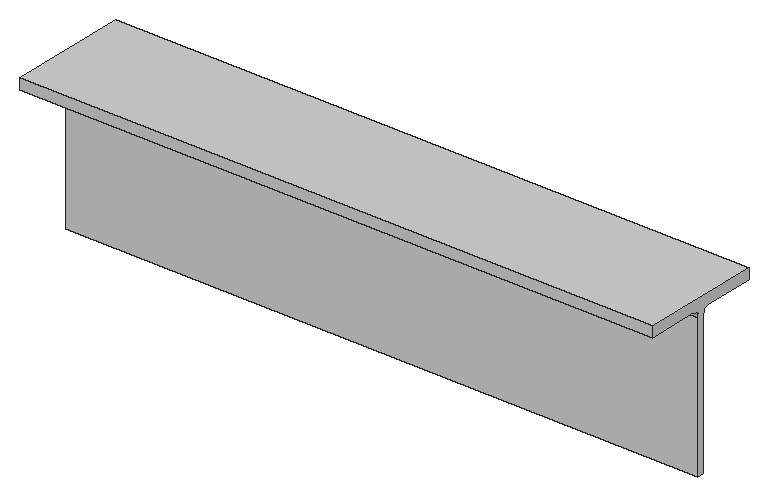
Revit family "efe341eb5f9d4143b5758e7b23ec5791", category Structural Framing, Revit 2021
Family settings
  Structural Framing Length Roundoff = 0' - 0"
  Section Shape = I-split Parallel Flange
  Material for Model Behavior = Steel
  Always export as geometry = No
  Family Name Key = WT Shapes
  Code Name = AISC 14.1
  OmniClass Number = 23.25.30.11.14.14
  OmniClass Title = Beams
  Seek Item ID = WT-Structural Tee-0000-USA-ENU
  Always vertical = Yes
  Cut with Voids When Loaded = No
  Symbolic Representation = From Project Settings
  Shared = No
  Show family pre-cut in plan views = Yes
Parameters (values of type "WT12X42")
  Width = 0' - 9.02047"
  Web Thickness = 0' - 0.47"
  Web Fillet = 0.500"
  Warping Constant = 6.90000 in⁶
  Torsional Moment of Inertia = 1.8400 in⁴
  Structural Material [instance] = Steel ASTM A992
  Section Name Key = ""
  Section Area = 12.40 in²
  Plastic Modulus weak axis = 16.300 in³
  Plastic Modulus strong axis = 32.500 in³
  Nominal Weight = 42.00 lbf/ft
  Moment of Inertia weak axis = 47.2000 in⁴
  Moment of Inertia strong axis = 166.0000 in⁴
  Height = 1' - 0.1"
  Flange Thickness = 0.770"
  Elastic Modulus weak axis = 10.500 in³
  Elastic Modulus strong axis = 18.300 in³
  Centroid Vertical = 0' - 9.13"
  Centroid Horizontal = Width / 2  # 4.51023"
  Bolt Spacing = 0' - 5 1/2"
  Assembly Code = "B10"
  Length [instance] = 5' - 0"
Types (2): name | Width | Web Thickness | Web Fillet | Warping Constant | Torsional Moment of Inertia | Section Area | Plastic Modulus weak axis | Plastic Modulus strong axis | Nominal Weight | Moment of Inertia weak axis | Moment of Inertia strong axis | Height | Flange Thickness | Elastic Modulus weak axis | Elastic Modulus strong axis | Centroid Vertical | Centroid Horizontal
  WT12X42 | 0' - 9.02047" | 0' - 0.47" | 0.500" | 6.90000 in⁶ | 1.8400 in⁴ | 12.40 in² | 16.300 in³ | 32.500 in³ | 42.00 lbf/ft | 47.2000 in⁴ | 166.0000 in⁴ | 1' - 0.1" | 0.770" | 10.500 in³ | 18.300 in³ | 0' - 9.13" | 4.51023"
  WT18X80 | 1' - 0" | 0' - 0.65" | 0.750" | 53.60000 in⁶ | 6.1700 in⁴ | 23.50 in² | 38.600 in³ | 100.000 in³ | 80.00 lbf/ft | 147.0000 in⁴ | 740.0000 in⁴ | 1' - 6" | 1.020" | 24.600 in³ | 55.800 in³ | 1' - 1.26" | 6.000"
Reference planes (in)
  plane 1 "Center (Front/Back)": y = 0
  plane 2: z = 0
  plane 3 "Center (Left/Right)": x = 0.1815
  plane 4 "Member Left": x = -23.8185
  plane 5 "Member Right": x = 24.1815
  plane 6: y = 4.51023
  plane 7: y = -4.51023
  plane 8 "Left": x = -29.8185
  plane 9 "Right": x = 30.1815
  plane 10: z = 2.97
  plane 11: z = -9.13
Forms (in)
  Sweep 1, solid, material "Steel ASTM A992" <- "Structural Material", detail levels fine
    path origin (0, 0, 0) x (1, 0, 0) y (0, 1, 0)
      loop
        line (24.1815, 0) -> (-23.8185, 0)
    profile "Structural Tee-Profile-Fine : Structural Tee-Profile-Fine" origin (0.1815, 0, 0) x (0, -1, 0) y (0, 0, 1)
      loop
        line (-4.51023, 2.97) -> (-4.51023, 2.2) -> (-0.735, 2.2)
        arc (-0.735, 2.2) -> (-0.38145, 2.05355) -> (-0.235, 1.7) r 0.5
        line (-0.235, 1.7) -> (-0.235, -9.13) -> (0.235, -9.13) -> (0.235, 1.7)
        arc (0.235, 1.7) -> (0.38145, 2.05355) -> (0.735, 2.2) r 0.5
        line (0.735, 2.2) -> (4.51023, 2.2) -> (4.51023, 2.97) -> (-4.51023, 2.97)
  Sweep 2, solid, material "Steel ASTM A992" <- "Structural Material", detail levels medium
    path origin (0, 0, 0) x (1, 0, 0) y (0, 1, 0)
      loop
        line (24.1815, 0) -> (-23.8185, 0)
    profile "Structural Tee-Profile-Medium : Structural Tee-Profile-Medium" origin (0.1815, 0, 0) x (0, -1, 0) y (0, 0, 1)
      loop
        line (-4.51023, 2.97) -> (-4.51023, 2.2) -> (-0.235, 2.2) -> (-0.235, -9.13) -> (0.235, -9.13) -> (0.235, 2.2) -> (4.51023, 2.2) -> (4.51023, 2.97) -> (-4.51023, 2.97)
Lines and regions (in)
  symbolic lines, style "Hidden Faces", detail levels medium+fine
    curve 1: line (24.1815, -0.235, 0) -> (-23.8185, -0.235, 0)
    curve 2: line (24.1815, 0.235, 0) -> (-23.8185, 0.235, 0)
  symbolic lines, style "Stick Symbols", detail levels coarse
    curve 3: line (0.1815, 0, 2.97) -> (0.1815, 0, -9.13)
    curve 4: line (0.1815, 4.51023, 2.97) -> (0.1815, -4.51023, 2.97)
Dimensions and locks (in)
  "Width": plane 6 to plane 7
  equal spacing: plane 6, plane 1 "Center (Front/Back)", plane 7
  "Length": plane 8 "Left" to plane 9 "Right"
  equal spacing: curve 2, plane 1 "Center (Front/Back)", curve 1
  "Web Thickness": curve 2 to curve 1
  "Height": plane 10 to plane 11
  "Centroid Vertical": level to plane 11
  aligned and locked: Sweep 1 sketch curve to plane 1 "Center (Front/Back)"
  aligned and locked: Sweep 2 sketch curve to plane 1 "Center (Front/Back)"
  aligned and locked: Sweep 2 to curve 3
  aligned and locked: plane 4 "Member Left" to Sweep 2 sketch curve
  aligned and locked: plane 5 "Member Right" to Sweep 2 sketch curve
  aligned and locked: plane 4 "Member Left" to Sweep 1 sketch curve
  aligned and locked: plane 5 "Member Right" to Sweep 1 sketch curve
  aligned and locked: plane 4 "Member Left" to curve 2
  aligned and locked: plane 4 "Member Left" to curve 1
  aligned and locked: plane 5 "Member Right" to curve 2
  aligned and locked: plane 5 "Member Right" to curve 1
  aligned and locked: plane 10 to curve 3
  aligned and locked: curve 3 to plane 1 "Center (Front/Back)"
  aligned and locked: curve 4 to plane 10
  aligned and locked: plane 7 to curve 4
  aligned and locked: plane 6 to curve 4
  aligned and locked: plane 2 to level
